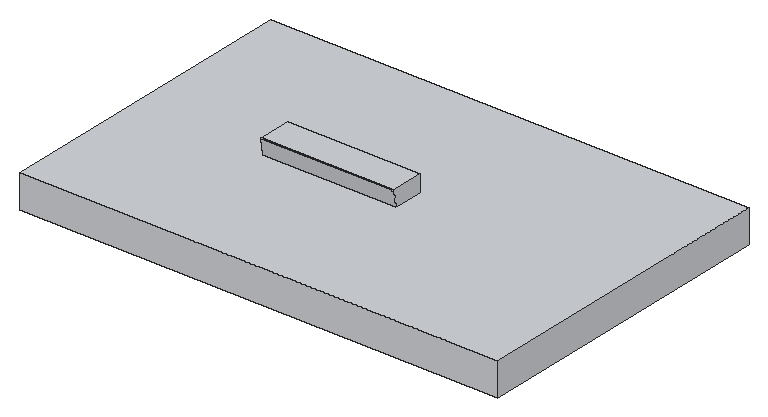
Revit family
Parameters
  Width = 1' - 0"
  URL = "www.coldspringgranite.com"
  TypicalJointSize = 0' - 0 1/4"
  StoneMaterial = none
  SettingSpace = AirGap + Height  # 0' - 7 1/8"
  Product Name = "Stair Tread Stone for Cubic Application - Splayed Front Edge"
  Product Documentation Link = "http://www.coldspringgranite.com/BIM_Families/Family_Detail/Stair_Tread_Stone_for_Cubic_Application_-_Splayed_Front_Edge/"
  PhoneNumber = "800-551-7502"
  Notes = ""
  NosingRadius = 0' - 0 1/4"
  Model = "N/A"
  Manufacturer = "Cold Spring Granite Company"
  Low Emitting Material = yes
  Low Emitting Finish = yes
  Location = "17482 Granite West Road, Cold Spring, MN 56320-4578"
  Length = 4' - 0"
  LEED Credit = ""
  Keynote = "096340"
  JointRightOff = no
  JointRight = if(JointRightOff, 0' 0", TypicalJointSize / 2)  # 0' - 0 1/8"
  JointLeftOff = no
  JointLeft = if(JointLeftOff, 0' 0", TypicalJointSize / 2)  # 0' - 0 1/8"
  Height = 0' - 6 1/8"
  HeadSize = 0' - 6"
  Description = "Stone Stair Tread Cubic Splayed"
  Default Elevation = 0' - 0"
  BackJointWidth = 0' - 3"
  Assembly Code = "C2010100"
  AngledHeadDepth = 0' - 1"
  AirGap = 0' - 1"
  ADA Compliant = yes
Reference planes (in)
  plane 1 "Center (Front/Back)": y = 0
  plane 2: z = 0
  plane 3 "Center (Left/Right)": x = 0
  plane 4 "StoneLeft": x = 0.125
  plane 5 "StoneRight": x = 47.875
  plane 6 "Right": x = 48
  plane 7 "StoneBack": y = 12
  plane 8 "StoneFace": z = 7.125
  plane 9 "HeadBottom": z = 1.125
  plane 10 "StoneBottom": z = 1
  plane 11 "BackJoint": y = 3
  plane 12 "AngleHead": y = 1
  plane 13 "NosingRadiusBottom": z = 6.875
Forms (in)
  Extrusion 1, solid
    sketch origin (0, 0, 0) x (1, 0, 0) y (0, 1, 0)
      loop
        line (-48, 64.5) -> (-48, -48) -> (124.0595, -48) -> (124.0595, 64.5) -> (-48, 64.5)
    from 0 to -12
  Extrusion 2, solid, material <- "StoneMaterial", detail levels medium+fine
    sketch origin (0, 0, 0) x (0, 1, 0) y (0, 0, 1)
      loop
        line (12, 1) -> (12, 7.125) -> (0.29512, 7.125)
        arc (0.29512, 7.125) -> (0.10436, 7.03659) -> (0.04852, 6.8339) r 0.25
        line (0.04852, 6.8339) -> (1.02083, 1) -> (12, 1)
    from 0.125 to 47.875
  Extrusion 3, void
    sketch origin (0, 0, 0) x (0, 1, 0) y (0, 0, 1)
      loop
        line (3, 1.125) -> (1, 1.125) -> (1, 1) -> (3, 1) -> (3, 1.125)
    from 0.125 to 47.875
  Extrusion 4, solid, material <- "StoneMaterial", detail levels coarse
    sketch origin (0, 0, 0) x (0, 1, 0) y (0, 0, 1)
      loop
        line (12, 1) -> (12, 7.125) -> (0, 7.125) -> (1.02083, 1) -> (12, 1)
    from 0 to 48
Cuts and joins
  Extrusion 3 cuts Extrusion 2
Lines and regions (in)
  Masking region 1, detail levels coarse
    outline origin (0, 0, 0) x (1, 0, 0) y (0, 1, 0)
      loop
        line (0, 12) -> (0, 0) -> (48, 0) -> (48, 12) -> (0, 12)
  Masking region 2, detail levels medium+fine
    outline origin (0, 0, 0) x (1, 0, 0) y (0, 1, 0)
      loop
        line (0.125, 12) -> (0.125, 0) -> (47.875, 0) -> (47.875, 12) -> (0.125, 12)
  Masking region 3, detail levels coarse
    outline origin (0, 0, 0) x (1, 0, 0) y (0, 0, 1)
      loop
        line (0, 7.125) -> (0, 1) -> (48, 1) -> (48, 7.125) -> (0, 7.125)
  Masking region 4, detail levels medium+fine
    outline origin (0, 0, 0) x (1, 0, 0) y (0, 0, 1)
      loop
        line (0.125, 7.125) -> (0.125, 1.125) -> (47.875, 1.125) -> (47.875, 7.125) -> (0.125, 7.125)
  Masking region 5, detail levels medium+fine
    outline origin (0, 0, 0) x (0, 1, 0) y (0, 0, 1)
      loop
        line (12, 1) -> (12, 7.125) -> (0.29512, 7.125) -> (0, 7.125) -> (0.04852, 6.8339) -> (1, 1.125) -> (3, 1.125) -> (3, 1) -> (12, 1)
  Masking region 6, detail levels coarse
    outline origin (0, 0, 0) x (0, 1, 0) y (0, 0, 1)
      loop
        line (12, 1) -> (12, 7.125) -> (0, 7.125) -> (1.02083, 1) -> (12, 1)
  reference lines
    curve 1: line (0, 0, 7.125) -> (0, 1, 1.125)
    curve 2: line (0, 1.97306, -3.19269) -> (0, 0.77201, 4.01361)
    curve 3: line (0, 0.29512, 6.875) -> (0, 0.29512, 10.625)
    curve 4: line (0, 0.29512, 6.875) -> (0, -2.66407, 6.3818)
  symbolic lines, detail levels medium+fine
    curve 5: arc (0, 0.29512, 7.125) -> (0, 0.10436, 7.03659) -> (0, 0.04852, 6.8339) r 0.25
Dimensions and locks (in)
  "Length": plane 3 "Center (Left/Right)" to plane 6 "Right"
  "JointLeft": plane 3 "Center (Left/Right)" to plane 4 "StoneLeft"
  "JointRight": plane 5 "StoneRight" to plane 6 "Right"
  "Width": plane 1 "Center (Front/Back)" to plane 7 "StoneBack"
  "Height": plane 8 "StoneFace" to plane 10 "StoneBottom"
  "SettingSpace": plane 8 "StoneFace" to plane 2
  "HeadSize": plane 8 "StoneFace" to plane 9 "HeadBottom"
  "BackJointWidth": plane 11 "BackJoint" to plane 1 "Center (Front/Back)"
  "AngledHeadDepth": plane 12 "AngleHead" to plane 1 "Center (Front/Back)"
  "NosingRadius": plane 8 "StoneFace" to plane 13 "NosingRadiusBottom"
  "NosingRadius": curve 1 to curve 2
  "NosingRadius": radius of Extrusion 2 sketch curve
  angle plane 13 "NosingRadiusBottom" to curve 3 = 90.00°
  angle curve 2 to curve 4 = 90.00°
  aligned and locked: Extrusion 1 to plane 2
  aligned and locked: level to Extrusion 1
  aligned and locked: plane 1 "Center (Front/Back)" to curve 1
  aligned and locked: plane 8 "StoneFace" to curve 1
  aligned and locked: plane 9 "HeadBottom" to curve 1
  aligned and locked: plane 12 "AngleHead" to curve 1
  aligned and locked: plane 7 "StoneBack" to Extrusion 2 sketch curve
  aligned and locked: plane 10 "StoneBottom" to Extrusion 2 sketch curve
  aligned and locked: plane 8 "StoneFace" to Extrusion 2 sketch curve  (x2)
  aligned and locked: curve 3 to Extrusion 2 sketch curve
  aligned and locked: curve 4 to Extrusion 2 sketch curve
  aligned and locked: curve 1 to Extrusion 2 sketch curve
  aligned and locked: plane 5 "StoneRight" to Extrusion 2
  aligned and locked: Extrusion 2 to plane 4 "StoneLeft"
  aligned and locked: Extrusion 3 sketch curve to plane 9 "HeadBottom"
  aligned and locked: plane 11 "BackJoint" to Extrusion 3 sketch curve
  aligned and locked: plane 10 "StoneBottom" to Extrusion 3 sketch curve
  aligned and locked: Extrusion 3 sketch curve to plane 12 "AngleHead"
  aligned and locked: Extrusion 3 to plane 4 "StoneLeft"
  aligned and locked: plane 5 "StoneRight" to Extrusion 3
  aligned and locked: plane 7 "StoneBack" to Extrusion 4 sketch curve
  aligned and locked: plane 8 "StoneFace" to Extrusion 4 sketch curve
  aligned and locked: plane 10 "StoneBottom" to Extrusion 4 sketch curve
  aligned and locked: Extrusion 4 sketch curve to cut or joined group of Extrusion 2, Extrusion 3
  aligned and locked: plane 6 "Right" to Extrusion 4
  aligned and locked: Extrusion 4 to plane 3 "Center (Left/Right)"
  aligned and locked: Masking region 1 sketch curve to plane 7 "StoneBack"
  aligned and locked: plane 3 "Center (Left/Right)" to Masking region 1 sketch curve
  aligned and locked: Masking region 1 sketch curve to plane 6 "Right"
  aligned and locked: Masking region 1 sketch curve to plane 1 "Center (Front/Back)"
  aligned and locked: Masking region 2 sketch curve to plane 7 "StoneBack"
  aligned and locked: plane 4 "StoneLeft" to Masking region 2 sketch curve
  aligned and locked: Masking region 2 sketch curve to plane 5 "StoneRight"
  aligned and locked: Masking region 2 sketch curve to plane 1 "Center (Front/Back)"
  aligned and locked: Masking region 3 sketch curve to plane 8 "StoneFace"
  aligned and locked: plane 3 "Center (Left/Right)" to Masking region 3 sketch curve
  aligned and locked: plane 10 "StoneBottom" to Masking region 3 sketch curve
  aligned and locked: Masking region 3 sketch curve to plane 6 "Right"
  aligned and locked: Masking region 4 sketch curve to plane 8 "StoneFace"
  aligned and locked: plane 4 "StoneLeft" to Masking region 4 sketch curve
  aligned and locked: Masking region 4 sketch curve to plane 5 "StoneRight"
  aligned and locked: plane 9 "HeadBottom" to Masking region 4 sketch curve
  aligned and locked: plane 7 "StoneBack" to Masking region 5 sketch curve
  aligned and locked: plane 10 "StoneBottom" to Masking region 5 sketch curve
  aligned and locked: plane 9 "HeadBottom" to Masking region 5 sketch curve
  aligned and locked: plane 11 "BackJoint" to Masking region 5 sketch curve
  aligned and locked: curve 1 to Masking region 5 sketch curve
  aligned and locked: curve 3 to Masking region 5 sketch curve
  aligned and locked: curve 4 to Masking region 5 sketch curve
  aligned and locked: curve 5 to cut or joined group of Extrusion 2, Extrusion 3
  aligned and locked: curve 4 to curve 5
  aligned and locked: plane 7 "StoneBack" to Masking region 6 sketch curve
  aligned and locked: plane 8 "StoneFace" to Masking region 6 sketch curve
  aligned and locked: plane 10 "StoneBottom" to Masking region 6 sketch curve
  aligned and locked: Masking region 6 sketch curve to curve 1
Automatic sketch dimensions
  Extrusion 1 sketch curve to Extrusion 1 sketch curve = 14' - 4.0595"
  Extrusion 1 sketch curve to Extrusion 1 sketch curve = 9' - 4 1/2"
  curve 3 to plane 13 "NosingRadiusBottom" = 0' - 0"
  curve 4 to curve 3 = 0' - 0"
  Masking region 5 sketch curve to plane 1 "Center (Front/Back)" = 0' - 0"
  plane 12 "AngleHead" to curve 2 = 0' - 0.22799"
  Masking region 5 sketch curve to plane 8 "StoneFace" = 0' - 0"
Nested families (in)
  nested 1: "CopyRight" at (0, 0, 0), type "CopyRight"
Definition of nested family "CopyRight"
  Parameters (values of type "CopyRight")
    CopyRight = "Cold Spring Granite Company"
  Reference planes (in)
    plane 1: z = 0
